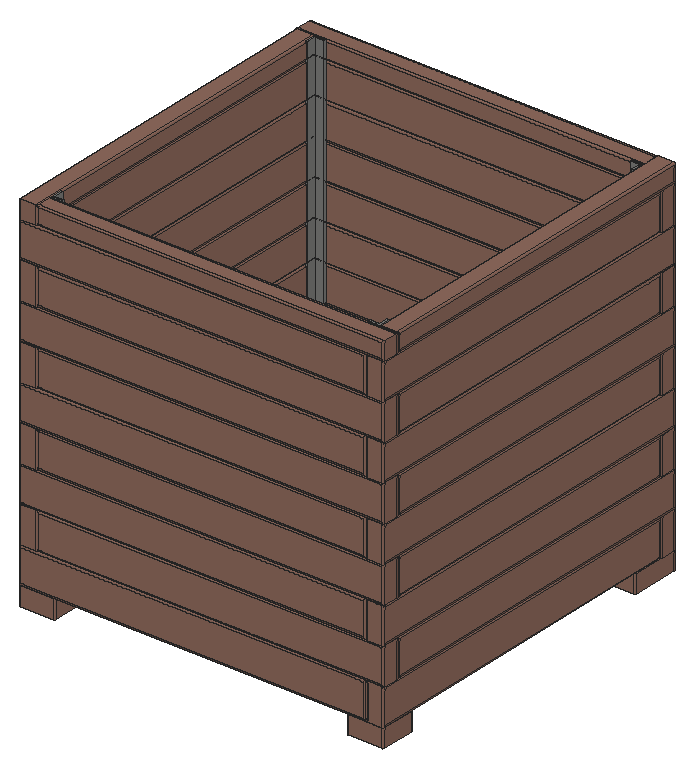
Revit family "Jardinera Madera", category Furniture, Revit 2020 (continued)
Definition of nested family "Jardinera Madera-UM1640-4-1000mm"
  Cuts and joins
    Extrusion 17, Extrusion 73 cuts Extrusion 28
    Extrusion 21, Extrusion 56, Extrusion 61, Extrusion 67, Extrusion 69 cuts Extrusion 20
    Extrusion 25, Extrusion 44, Extrusion 73, Extrusion 77, Extrusion 78 cuts Extrusion 24
    Extrusion 32 cuts Extrusion 29
    Extrusion 32, Extrusion 33, Extrusion 54 cuts Extrusion 31
    Extrusion 32, Extrusion 65 cuts Extrusion 41
    Extrusion 32 cuts Extrusion 42
    Extrusion 35, Extrusion 53 cuts Extrusion 34
    Extrusion 40, Extrusion 52, Extrusion 77, Extrusion 79, Extrusion 80 cuts Extrusion 39
    Extrusion 45, Extrusion 67 cuts Extrusion 2
    Extrusion 45 cuts Extrusion 4
    Extrusion 45, Extrusion 51 cuts Extrusion 6
    Extrusion 47, Extrusion 50, Extrusion 67, Extrusion 69 cuts Extrusion 7
    Extrusion 49, Extrusion 79 cuts Extrusion 3
    Extrusion 54 cuts Extrusion 1
    Extrusion 59, Extrusion 67, Extrusion 79 cuts Extrusion 58
    Extrusion 59, Extrusion 65, Extrusion 66, Extrusion 68, Extrusion 78 cuts Extrusion 64
    Extrusion 19, Extrusion 57, Extrusion 61 cuts Extrusion 18
    Extrusion 23, Extrusion 37, Extrusion 61 cuts Extrusion 22
    Extrusion 61, Extrusion 63, Extrusion 69, Extrusion 71 cuts Extrusion 60
    Extrusion 61, Extrusion 63, Extrusion 65, Extrusion 73, Extrusion 75 cuts Extrusion 62
    Extrusion 71, Extrusion 79 cuts Extrusion 70
    Extrusion 27, Extrusion 73 cuts Extrusion 26
    Extrusion 73, Extrusion 78 cuts Extrusion 72
    Extrusion 77, Extrusion 80 cuts Extrusion 76
    Extrusion 75 cuts Extrusion 74
  Dimensions and locks (m)
    plane 11 to level = 0.655 m
    plane 8 to plane 9 = 1.000 m
    plane 7 to plane 6 = 1.000 m
    aligned and locked: level to plane 2
Definition of nested family "Jardinera Madera-UM1640-5-600mm"
  Parameters
    Default Elevation = 0.000 m
  Reference planes (m)
    plane 1 "Center (Front/Back)": y = 0
    plane 2: z = 0
    plane 3 "Center (Left/Right)": x = 0
    plane 4: z = 0.05
    plane 5: z = 0.15
    plane 6: x = -0.3
    plane 7: x = 0.3
    plane 8: x = -0.3
    plane 9: x = 0.3
    plane 10: y = 0.3
    plane 11: y = -0.3
    plane 12: z = 0.45007
  Forms (m)
    Extrusion 1, solid
      sketch origin (0.599929, 0, 0) x (1, 0, 0) y (0, 0, 1)
        loop
          arc (-0.895, 0.15) -> (-0.898536, 0.148536) -> (-0.9, 0.145) r 0.005
          line (-0.9, 0.145) -> (-0.9, 0.055)
          arc (-0.9, 0.055) -> (-0.898536, 0.051464) -> (-0.895, 0.05) r 0.005
          line (-0.895, 0.05) -> (-0.855, 0.05)
          arc (-0.855, 0.05) -> (-0.851464, 0.051464) -> (-0.85, 0.055) r 0.005
          line (-0.85, 0.055) -> (-0.85, 0.145)
          arc (-0.85, 0.145) -> (-0.851464, 0.148536) -> (-0.855, 0.15) r 0.005
          line (-0.855, 0.15) -> (-0.895, 0.15)
      from -0.3 to 0.25
    Extrusion 2, solid
      sketch origin (-0.000071, -0.6, 0) x (0, -1, 0) y (0, 0, 1)
        loop
          arc (-0.895, 0.15) -> (-0.898536, 0.148536) -> (-0.9, 0.145) r 0.005
          line (-0.9, 0.145) -> (-0.9, 0.055)
          arc (-0.9, 0.055) -> (-0.898536, 0.051464) -> (-0.895, 0.05) r 0.005
          line (-0.895, 0.05) -> (-0.855, 0.05)
          arc (-0.855, 0.05) -> (-0.851464, 0.051464) -> (-0.85, 0.055) r 0.005
          line (-0.85, 0.055) -> (-0.85, 0.145)
          arc (-0.85, 0.145) -> (-0.851464, 0.148536) -> (-0.855, 0.15) r 0.005
          line (-0.855, 0.15) -> (-0.895, 0.15)
      from -0.300142 to 0.25
    Extrusion 3, void
      sketch origin (0.599929, 0, 0) x (1, 0, 0) y (0, 1, 0)
        loop
          arc (-0.85, 0.295) -> (-0.848536, 0.298536) -> (-0.845, 0.3) r 0.005
          line (-0.845, 0.3) -> (-0.85, 0.3) -> (-0.85, 0.295)
        loop
          line (-0.85, 0.255) -> (-0.85, 0.25) -> (-0.845, 0.25)
          arc (-0.845, 0.25) -> (-0.848536, 0.251464) -> (-0.85, 0.255) r 0.005
      from 0.05 to 0.15
    Extrusion 4, void
      sketch origin (-0.550071, -0.55, 0) x (0, -1, 0) y (1, 0, 0)
        loop
          arc (-0.85, 0.295) -> (-0.848536, 0.298536) -> (-0.845, 0.3) r 0.005
          line (-0.845, 0.3) -> (-0.85, 0.3) -> (-0.85, 0.295)
        loop
          line (-0.85, 0.255) -> (-0.85, 0.25) -> (-0.845, 0.25)
          arc (-0.845, 0.25) -> (-0.848536, 0.251464) -> (-0.85, 0.255) r 0.005
      from 0.05 to 0.15
    Extrusion 5, void
      sketch origin (-0.550071, 0.6, 0) x (0, 1, 0) y (-1, 0, 0)
        loop
          line (-0.85, -0.295) -> (-0.85, -0.3) -> (-0.845, -0.3)
          arc (-0.845, -0.3) -> (-0.848536, -0.298536) -> (-0.85, -0.295) r 0.005
        loop
          arc (-0.85, -0.255) -> (-0.848536, -0.251464) -> (-0.845, -0.25) r 0.005
          line (-0.845, -0.25) -> (-0.85, -0.25) -> (-0.85, -0.255)
      from 0.05 to 0.15
    Extrusion 6, solid
      sketch origin (1.199929, 0.6, 0) x (0, 1, 0) y (0, 0, 1)
        loop
          arc (-0.895, 0.15) -> (-0.898536, 0.148536) -> (-0.9, 0.145) r 0.005
          line (-0.9, 0.145) -> (-0.9, 0.055)
          arc (-0.9, 0.055) -> (-0.898536, 0.051464) -> (-0.895, 0.05) r 0.005
          line (-0.895, 0.05) -> (-0.855, 0.05)
          arc (-0.855, 0.05) -> (-0.851464, 0.051464) -> (-0.85, 0.055) r 0.005
          line (-0.85, 0.055) -> (-0.85, 0.145)
          arc (-0.85, 0.145) -> (-0.851464, 0.148536) -> (-0.855, 0.15) r 0.005
          line (-0.855, 0.15) -> (-0.895, 0.15)
      from -1.5 to -0.949858
    Extrusion 7, void
      sketch origin (0.549929, 0, 0) x (1, 0, 0) y (0, 1, 0)
        loop
          line (-0.85, -0.295) -> (-0.85, -0.3) -> (-0.845, -0.3)
          arc (-0.845, -0.3) -> (-0.848536, -0.298536) -> (-0.85, -0.295) r 0.005
        loop
          arc (-0.85, -0.255) -> (-0.848536, -0.251464) -> (-0.845, -0.25) r 0.005
          line (-0.845, -0.25) -> (-0.85, -0.25) -> (-0.85, -0.255)
      from 0.05 to 0.15
    Extrusion 8, solid
      sketch origin (1.249858, 0.6, 0.10007) x (0, 1, 0) y (0, 0, 1)
        loop
          arc (-0.895, 0.15) -> (-0.898536, 0.148536) -> (-0.9, 0.145) r 0.005
          line (-0.9, 0.145) -> (-0.9, 0.055)
          arc (-0.9, 0.055) -> (-0.898536, 0.051464) -> (-0.895, 0.05) r 0.005
          line (-0.895, 0.05) -> (-0.855, 0.05)
          arc (-0.855, 0.05) -> (-0.851464, 0.051464) -> (-0.85, 0.055) r 0.005
          line (-0.85, 0.055) -> (-0.85, 0.145)
          arc (-0.85, 0.145) -> (-0.851464, 0.148536) -> (-0.855, 0.15) r 0.005
          line (-0.855, 0.15) -> (-0.895, 0.15)
      from -1.5 to -0.949786
    Extrusion 9, void
      sketch origin (0.599858, 0, 0.10007) x (1, 0, 0) y (0, 1, 0)
        loop
          line (-0.85, -0.295) -> (-0.85, -0.3) -> (-0.845, -0.3)
          arc (-0.845, -0.3) -> (-0.848536, -0.298536) -> (-0.85, -0.295) r 0.005
        loop
          arc (-0.85, -0.255) -> (-0.848536, -0.251464) -> (-0.845, -0.25) r 0.005
          line (-0.845, -0.25) -> (-0.85, -0.25) -> (-0.85, -0.255)
      from 0.05 to 0.15
    Extrusion 10, solid
      sketch origin (0.599929, -0.049929, 0.10007) x (1, 0, 0) y (0, 0, 1)
        loop
          arc (-0.895, 0.15) -> (-0.898536, 0.148536) -> (-0.9, 0.145) r 0.005
          line (-0.9, 0.145) -> (-0.9, 0.055)
          arc (-0.9, 0.055) -> (-0.898536, 0.051464) -> (-0.895, 0.05) r 0.005
          line (-0.895, 0.05) -> (-0.855, 0.05)
          arc (-0.855, 0.05) -> (-0.851464, 0.051464) -> (-0.85, 0.055) r 0.005
          line (-0.85, 0.055) -> (-0.85, 0.145)
          arc (-0.85, 0.145) -> (-0.851464, 0.148536) -> (-0.855, 0.15) r 0.005
          line (-0.855, 0.15) -> (-0.895, 0.15)
      from -0.3 to 0.25
    Extrusion 11, void
      sketch origin (-0.550071, -0.599929, 0.10007) x (0, -1, 0) y (1, 0, 0)
        loop
          arc (-0.85, 0.295) -> (-0.848536, 0.298536) -> (-0.845, 0.3) r 0.005
          line (-0.845, 0.3) -> (-0.85, 0.3) -> (-0.85, 0.295)
        loop
          line (-0.85, 0.255) -> (-0.85, 0.25) -> (-0.845, 0.25)
          arc (-0.845, 0.25) -> (-0.848536, 0.251464) -> (-0.85, 0.255) r 0.005
      from 0.05 to 0.15
    Extrusion 12, void
      sketch origin (-0.550071, 0.550071, 0.10007) x (0, 1, 0) y (-1, 0, 0)
        loop
          line (-0.85, -0.295) -> (-0.85, -0.3) -> (-0.845, -0.3)
          arc (-0.845, -0.3) -> (-0.848536, -0.298536) -> (-0.85, -0.295) r 0.005
        loop
          arc (-0.85, -0.255) -> (-0.848536, -0.251464) -> (-0.845, -0.25) r 0.005
          line (-0.845, -0.25) -> (-0.85, -0.25) -> (-0.85, -0.255)
      from 0.05 to 0.15
    Extrusion 13, solid
      sketch origin (-0.05, -0.6, 0.10007) x (0, -1, 0) y (0, 0, 1)
        loop
          arc (-0.895, 0.15) -> (-0.898536, 0.148536) -> (-0.9, 0.145) r 0.005
          line (-0.9, 0.145) -> (-0.9, 0.055)
          arc (-0.9, 0.055) -> (-0.898536, 0.051464) -> (-0.895, 0.05) r 0.005
          line (-0.895, 0.05) -> (-0.855, 0.05)
          arc (-0.855, 0.05) -> (-0.851464, 0.051464) -> (-0.85, 0.055) r 0.005
          line (-0.85, 0.055) -> (-0.85, 0.145)
          arc (-0.85, 0.145) -> (-0.851464, 0.148536) -> (-0.855, 0.15) r 0.005
          line (-0.855, 0.15) -> (-0.895, 0.15)
      from -0.300071 to 0.25
    Extrusion 14, void
      sketch origin (0.55, 0, 0.10007) x (1, 0, 0) y (0, 1, 0)
        loop
          arc (-0.85, 0.295) -> (-0.848536, 0.298536) -> (-0.845, 0.3) r 0.005
          line (-0.845, 0.3) -> (-0.85, 0.3) -> (-0.85, 0.295)
        loop
          line (-0.85, 0.255) -> (-0.85, 0.25) -> (-0.845, 0.25)
          arc (-0.845, 0.25) -> (-0.848536, 0.251464) -> (-0.85, 0.255) r 0.005
      from 0.05 to 0.15
    Extrusion 15, solid
      sketch origin (0.599929, 0, 0.2) x (1, 0, 0) y (0, 0, 1)
        loop
          arc (-0.895, 0.15) -> (-0.898536, 0.148536) -> (-0.9, 0.145) r 0.005
          line (-0.9, 0.145) -> (-0.9, 0.055)
          arc (-0.9, 0.055) -> (-0.898536, 0.051464) -> (-0.895, 0.05) r 0.005
          line (-0.895, 0.05) -> (-0.855, 0.05)
          arc (-0.855, 0.05) -> (-0.851464, 0.051464) -> (-0.85, 0.055) r 0.005
          line (-0.85, 0.055) -> (-0.85, 0.145)
          arc (-0.85, 0.145) -> (-0.851464, 0.148536) -> (-0.855, 0.15) r 0.005
          line (-0.855, 0.15) -> (-0.895, 0.15)
      from -0.3 to 0.25
    Extrusion 16, solid
      sketch origin (-0.000071, -0.6, 0.2) x (0, -1, 0) y (0, 0, 1)
        loop
          arc (-0.895, 0.15) -> (-0.898536, 0.148536) -> (-0.9, 0.145) r 0.005
          line (-0.9, 0.145) -> (-0.9, 0.055)
          arc (-0.9, 0.055) -> (-0.898536, 0.051464) -> (-0.895, 0.05) r 0.005
          line (-0.895, 0.05) -> (-0.855, 0.05)
          arc (-0.855, 0.05) -> (-0.851464, 0.051464) -> (-0.85, 0.055) r 0.005
          line (-0.85, 0.055) -> (-0.85, 0.145)
          arc (-0.85, 0.145) -> (-0.851464, 0.148536) -> (-0.855, 0.15) r 0.005
          line (-0.855, 0.15) -> (-0.895, 0.15)
      from -0.300142 to 0.25
    Extrusion 17, void
      sketch origin (0.599929, 0, 0.2) x (1, 0, 0) y (0, 1, 0)
        loop
          arc (-0.85, 0.295) -> (-0.848536, 0.298536) -> (-0.845, 0.3) r 0.005
          line (-0.845, 0.3) -> (-0.85, 0.3) -> (-0.85, 0.295)
        loop
          line (-0.85, 0.255) -> (-0.85, 0.25) -> (-0.845, 0.25)
          arc (-0.845, 0.25) -> (-0.848536, 0.251464) -> (-0.85, 0.255) r 0.005
      from 0.05 to 0.15
    Extrusion 18, void
      sketch origin (-0.550071, -0.55, 0.2) x (0, -1, 0) y (1, 0, 0)
        loop
          arc (-0.85, 0.295) -> (-0.848536, 0.298536) -> (-0.845, 0.3) r 0.005
          line (-0.845, 0.3) -> (-0.85, 0.3) -> (-0.85, 0.295)
        loop
          line (-0.85, 0.255) -> (-0.85, 0.25) -> (-0.845, 0.25)
          arc (-0.845, 0.25) -> (-0.848536, 0.251464) -> (-0.85, 0.255) r 0.005
      from 0.05 to 0.15
    Extrusion 19, void
      sketch origin (-0.550071, 0.6, 0.2) x (0, 1, 0) y (-1, 0, 0)
        loop
          line (-0.85, -0.295) -> (-0.85, -0.3) -> (-0.845, -0.3)
          arc (-0.845, -0.3) -> (-0.848536, -0.298536) -> (-0.85, -0.295) r 0.005
        loop
          arc (-0.85, -0.255) -> (-0.848536, -0.251464) -> (-0.845, -0.25) r 0.005
          line (-0.845, -0.25) -> (-0.85, -0.25) -> (-0.85, -0.255)
      from 0.05 to 0.15
    Extrusion 20, solid
      sketch origin (1.199929, 0.6, 0.2) x (0, 1, 0) y (0, 0, 1)
        loop
          arc (-0.895, 0.15) -> (-0.898536, 0.148536) -> (-0.9, 0.145) r 0.005
          line (-0.9, 0.145) -> (-0.9, 0.055)
          arc (-0.9, 0.055) -> (-0.898536, 0.051464) -> (-0.895, 0.05) r 0.005
          line (-0.895, 0.05) -> (-0.855, 0.05)
          arc (-0.855, 0.05) -> (-0.851464, 0.051464) -> (-0.85, 0.055) r 0.005
          line (-0.85, 0.055) -> (-0.85, 0.145)
          arc (-0.85, 0.145) -> (-0.851464, 0.148536) -> (-0.855, 0.15) r 0.005
          line (-0.855, 0.15) -> (-0.895, 0.15)
      from -1.5 to -0.949858
    Extrusion 21, void
      sketch origin (0.549929, 0, 0.2) x (1, 0, 0) y (0, 1, 0)
        loop
          line (-0.85, -0.295) -> (-0.85, -0.3) -> (-0.845, -0.3)
          arc (-0.845, -0.3) -> (-0.848536, -0.298536) -> (-0.85, -0.295) r 0.005
        loop
          arc (-0.85, -0.255) -> (-0.848536, -0.251464) -> (-0.845, -0.25) r 0.005
          line (-0.845, -0.25) -> (-0.85, -0.25) -> (-0.85, -0.255)
      from 0.05 to 0.15
    Extrusion 22, solid
      sketch origin (1.249858, 0.6, 0.30007) x (0, 1, 0) y (0, 0, 1)
        loop
          arc (-0.895, 0.15) -> (-0.898536, 0.148536) -> (-0.9, 0.145) r 0.005
          line (-0.9, 0.145) -> (-0.9, 0.055)
          arc (-0.9, 0.055) -> (-0.898536, 0.051464) -> (-0.895, 0.05) r 0.005
          line (-0.895, 0.05) -> (-0.855, 0.05)
          arc (-0.855, 0.05) -> (-0.851464, 0.051464) -> (-0.85, 0.055) r 0.005
          line (-0.85, 0.055) -> (-0.85, 0.145)
          arc (-0.85, 0.145) -> (-0.851464, 0.148536) -> (-0.855, 0.15) r 0.005
          line (-0.855, 0.15) -> (-0.895, 0.15)
      from -1.5 to -0.949786
    Extrusion 23, void
      sketch origin (0.599858, 0, 0.30007) x (1, 0, 0) y (0, 1, 0)
        loop
          line (-0.85, -0.295) -> (-0.85, -0.3) -> (-0.845, -0.3)
          arc (-0.845, -0.3) -> (-0.848536, -0.298536) -> (-0.85, -0.295) r 0.005
        loop
          arc (-0.85, -0.255) -> (-0.848536, -0.251464) -> (-0.845, -0.25) r 0.005
          line (-0.845, -0.25) -> (-0.85, -0.25) -> (-0.85, -0.255)
      from 0.05 to 0.15
    Extrusion 24, solid
      sketch origin (0.599929, -0.049929, 0.30007) x (1, 0, 0) y (0, 0, 1)
        loop
          arc (-0.895, 0.15) -> (-0.898536, 0.148536) -> (-0.9, 0.145) r 0.005
          line (-0.9, 0.145) -> (-0.9, 0.055)
          arc (-0.9, 0.055) -> (-0.898536, 0.051464) -> (-0.895, 0.05) r 0.005
          line (-0.895, 0.05) -> (-0.855, 0.05)
          arc (-0.855, 0.05) -> (-0.851464, 0.051464) -> (-0.85, 0.055) r 0.005
          line (-0.85, 0.055) -> (-0.85, 0.145)
          arc (-0.85, 0.145) -> (-0.851464, 0.148536) -> (-0.855, 0.15) r 0.005
          line (-0.855, 0.15) -> (-0.895, 0.15)
      from -0.3 to 0.25
    Extrusion 25, void
      sketch origin (-0.550071, -0.599929, 0.30007) x (0, -1, 0) y (1, 0, 0)
        loop
          arc (-0.85, 0.295) -> (-0.848536, 0.298536) -> (-0.845, 0.3) r 0.005
          line (-0.845, 0.3) -> (-0.85, 0.3) -> (-0.85, 0.295)
        loop
          line (-0.85, 0.255) -> (-0.85, 0.25) -> (-0.845, 0.25)
          arc (-0.845, 0.25) -> (-0.848536, 0.251464) -> (-0.85, 0.255) r 0.005
      from 0.05 to 0.15
    Extrusion 26, void
      sketch origin (-0.550071, 0.550071, 0.30007) x (0, 1, 0) y (-1, 0, 0)
        loop
          line (-0.85, -0.295) -> (-0.85, -0.3) -> (-0.845, -0.3)
          arc (-0.845, -0.3) -> (-0.848536, -0.298536) -> (-0.85, -0.295) r 0.005
        loop
          arc (-0.85, -0.255) -> (-0.848536, -0.251464) -> (-0.845, -0.25) r 0.005
          line (-0.845, -0.25) -> (-0.85, -0.25) -> (-0.85, -0.255)
      from 0.05 to 0.15
    Extrusion 27, solid
      sketch origin (-0.05, -0.6, 0.30007) x (0, -1, 0) y (0, 0, 1)
        loop
          arc (-0.895, 0.15) -> (-0.898536, 0.148536) -> (-0.9, 0.145) r 0.005
          line (-0.9, 0.145) -> (-0.9, 0.055)
          arc (-0.9, 0.055) -> (-0.898536, 0.051464) -> (-0.895, 0.05) r 0.005
          line (-0.895, 0.05) -> (-0.855, 0.05)
          arc (-0.855, 0.05) -> (-0.851464, 0.051464) -> (-0.85, 0.055) r 0.005
          line (-0.85, 0.055) -> (-0.85, 0.145)
          arc (-0.85, 0.145) -> (-0.851464, 0.148536) -> (-0.855, 0.15) r 0.005
          line (-0.855, 0.15) -> (-0.895, 0.15)
      from -0.300071 to 0.25
    Extrusion 28, void
      sketch origin (0.55, 0, 0.30007) x (1, 0, 0) y (0, 1, 0)
        loop
          arc (-0.85, 0.295) -> (-0.848536, 0.298536) -> (-0.845, 0.3) r 0.005
          line (-0.845, 0.3) -> (-0.85, 0.3) -> (-0.85, 0.295)
        loop
          line (-0.85, 0.255) -> (-0.85, 0.25) -> (-0.845, 0.25)
          arc (-0.845, 0.25) -> (-0.848536, 0.251464) -> (-0.85, 0.255) r 0.005
      from 0.05 to 0.15
    Extrusion 29, solid
      sketch origin (0.599929, 0, 0) x (1, 0, 0) y (0, 1, 0)
        loop
          line (-0.849929, 0.25) -> (-0.849929, 0.22) -> (-0.844929, 0.22) -> (-0.844929, 0.245) -> (-0.819929, 0.245) -> (-0.819929, 0.25) -> (-0.849929, 0.25)
      from 0.05 to 0.45007
    Extrusion 30, solid
      sketch origin (0.599929, 0, 0) x (1, 0, 0) y (0, 1, 0)
        loop
          line (-0.849929, -0.25) -> (-0.819929, -0.25) -> (-0.819929, -0.245) -> (-0.844929, -0.245) -> (-0.844929, -0.22) -> (-0.849929, -0.22) -> (-0.849929, -0.25)
      from 0.05 to 0.45007
    Extrusion 31, solid
      sketch origin (0.599929, 0, 0) x (1, 0, 0) y (0, 1, 0)
        loop
          line (-0.849929, 0.25) -> (-0.849929, 0.083333) -> (-0.349858, 0.083333) -> (-0.349858, 0.25) -> (-0.849929, 0.25)
      from 0.05 to 0.1
    Extrusion 32, solid
      sketch origin (0.599929, 0, 0) x (1, 0, 0) y (0, 1, 0)
        loop
          line (-0.849929, -0.25) -> (-0.349858, -0.25) -> (-0.349858, -0.083333) -> (-0.849929, -0.083333) -> (-0.849929, -0.25)
      from 0.05 to 0.1
    Extrusion 33, solid
      sketch origin (0.599929, 0.166667, 0) x (1, 0, 0) y (0, 1, 0)
        loop
          line (-0.849929, -0.25) -> (-0.349858, -0.25) -> (-0.349858, -0.083333) -> (-0.849929, -0.083333) -> (-0.849929, -0.25)
      from 0.05 to 0.1
    Extrusion 34, solid
      sketch origin (0.599929, 0, 0) x (1, 0, 0) y (0, 1, 0)
        loop
          line (-0.804929, 0.3) -> (-0.894929, 0.3)
          arc (-0.894929, 0.3) -> (-0.898464, 0.298536) -> (-0.899929, 0.295) r 0.005
          line (-0.899929, 0.295) -> (-0.899929, 0.205)
          arc (-0.899929, 0.205) -> (-0.898464, 0.201464) -> (-0.894929, 0.2) r 0.005
          line (-0.894929, 0.2) -> (-0.804929, 0.2)
          arc (-0.804929, 0.2) -> (-0.801393, 0.201464) -> (-0.799929, 0.205) r 0.005
          line (-0.799929, 0.205) -> (-0.799929, 0.295)
          arc (-0.799929, 0.295) -> (-0.801393, 0.298536) -> (-0.804929, 0.3) r 0.005
      from 0 to 0.05
    Extrusion 35, solid
      sketch origin (0.599929, 0, 0) x (1, 0, 0) y (0, 1, 0)
        loop
          arc (-0.804929, -0.3) -> (-0.801393, -0.298536) -> (-0.799929, -0.295) r 0.005
          line (-0.799929, -0.295) -> (-0.799929, -0.205)
          arc (-0.799929, -0.205) -> (-0.801393, -0.201464) -> (-0.804929, -0.2) r 0.005
          line (-0.804929, -0.2) -> (-0.894929, -0.2)
          arc (-0.894929, -0.2) -> (-0.898464, -0.201464) -> (-0.899929, -0.205) r 0.005
          line (-0.899929, -0.205) -> (-0.899929, -0.295)
          arc (-0.899929, -0.295) -> (-0.898464, -0.298536) -> (-0.894929, -0.3) r 0.005
          line (-0.894929, -0.3) -> (-0.804929, -0.3)
      from 0 to 0.05
    Extrusion 36, void
      sketch origin (-0.549929, 0, 0) x (-1, 0, 0) y (0, -1, 0)
        loop
          line (-0.85, -0.295) -> (-0.85, -0.3) -> (-0.845, -0.3)
          arc (-0.845, -0.3) -> (-0.848536, -0.298536) -> (-0.85, -0.295) r 0.005
        loop
          arc (-0.85, -0.255) -> (-0.848536, -0.251464) -> (-0.845, -0.25) r 0.005
          line (-0.845, -0.25) -> (-0.85, -0.25) -> (-0.85, -0.255)
      from 0.05 to 0.15
    Extrusion 37, solid
      sketch origin (-0.599929, 0, 0) x (-1, 0, 0) y (0, 0, 1)
        loop
          arc (-0.895, 0.15) -> (-0.898536, 0.148536) -> (-0.9, 0.145) r 0.005
          line (-0.9, 0.145) -> (-0.9, 0.055)
          arc (-0.9, 0.055) -> (-0.898536, 0.051464) -> (-0.895, 0.05) r 0.005
          line (-0.895, 0.05) -> (-0.855, 0.05)
          arc (-0.855, 0.05) -> (-0.851464, 0.051464) -> (-0.85, 0.055) r 0.005
          line (-0.85, 0.055) -> (-0.85, 0.145)
          arc (-0.85, 0.145) -> (-0.851464, 0.148536) -> (-0.855, 0.15) r 0.005
          line (-0.855, 0.15) -> (-0.895, 0.15)
      from -0.3 to 0.25
    Extrusion 38, void
      sketch origin (-0.599929, 0, 0) x (-1, 0, 0) y (0, -1, 0)
        loop
          arc (-0.85, 0.295) -> (-0.848536, 0.298536) -> (-0.845, 0.3) r 0.005
          line (-0.845, 0.3) -> (-0.85, 0.3) -> (-0.85, 0.295)
        loop
          line (-0.85, 0.255) -> (-0.85, 0.25) -> (-0.845, 0.25)
          arc (-0.845, 0.25) -> (-0.848536, 0.251464) -> (-0.85, 0.255) r 0.005
      from 0.05 to 0.15
    Extrusion 39, void
      sketch origin (0.550071, 0.55, 0) x (0, 1, 0) y (-1, 0, 0)
        loop
          arc (-0.85, 0.295) -> (-0.848536, 0.298536) -> (-0.845, 0.3) r 0.005
          line (-0.845, 0.3) -> (-0.85, 0.3) -> (-0.85, 0.295)
        loop
          line (-0.85, 0.255) -> (-0.85, 0.25) -> (-0.845, 0.25)
          arc (-0.845, 0.25) -> (-0.848536, 0.251464) -> (-0.85, 0.255) r 0.005
      from 0.05 to 0.15
    Extrusion 40, void
      sketch origin (0.550071, -0.6, 0) x (0, -1, 0) y (1, 0, 0)
        loop
          line (-0.85, -0.295) -> (-0.85, -0.3) -> (-0.845, -0.3)
          arc (-0.845, -0.3) -> (-0.848536, -0.298536) -> (-0.85, -0.295) r 0.005
        loop
          arc (-0.85, -0.255) -> (-0.848536, -0.251464) -> (-0.845, -0.25) r 0.005
          line (-0.845, -0.25) -> (-0.85, -0.25) -> (-0.85, -0.255)
      from 0.05 to 0.15
    Extrusion 41, solid
      sketch origin (-0.599929, 0.05, 0.1) x (-1, 0, 0) y (0, 0, 1)
        loop
          arc (-0.895, 0.15) -> (-0.898536, 0.148536) -> (-0.9, 0.145) r 0.005
          line (-0.9, 0.145) -> (-0.9, 0.055)
          arc (-0.9, 0.055) -> (-0.898536, 0.051464) -> (-0.895, 0.05) r 0.005
          line (-0.895, 0.05) -> (-0.855, 0.05)
          arc (-0.855, 0.05) -> (-0.851464, 0.051464) -> (-0.85, 0.055) r 0.005
          line (-0.85, 0.055) -> (-0.85, 0.145)
          arc (-0.85, 0.145) -> (-0.851464, 0.148536) -> (-0.855, 0.15) r 0.005
          line (-0.855, 0.15) -> (-0.895, 0.15)
      from -0.3 to 0.25
    Extrusion 42, void
      sketch origin (0.550071, 0.6, 0.1) x (0, 1, 0) y (-1, 0, 0)
        loop
          arc (-0.85, 0.295) -> (-0.848536, 0.298536) -> (-0.845, 0.3) r 0.005
          line (-0.845, 0.3) -> (-0.85, 0.3) -> (-0.85, 0.295)
        loop
          line (-0.85, 0.255) -> (-0.85, 0.25) -> (-0.845, 0.25)
          arc (-0.845, 0.25) -> (-0.848536, 0.251464) -> (-0.85, 0.255) r 0.005
      from 0.05 to 0.15
    Extrusion 43, void
      sketch origin (0.550071, -0.55, 0.1) x (0, -1, 0) y (1, 0, 0)
        loop
          line (-0.85, -0.295) -> (-0.85, -0.3) -> (-0.845, -0.3)
          arc (-0.845, -0.3) -> (-0.848536, -0.298536) -> (-0.85, -0.295) r 0.005
        loop
          arc (-0.85, -0.255) -> (-0.848536, -0.251464) -> (-0.845, -0.25) r 0.005
          line (-0.845, -0.25) -> (-0.85, -0.25) -> (-0.85, -0.255)
      from 0.05 to 0.15
    Extrusion 44, void
      sketch origin (-0.549929, 0, 0.2) x (-1, 0, 0) y (0, -1, 0)
        loop
          line (-0.85, -0.295) -> (-0.85, -0.3) -> (-0.845, -0.3)
          arc (-0.845, -0.3) -> (-0.848536, -0.298536) -> (-0.85, -0.295) r 0.005
        loop
          arc (-0.85, -0.255) -> (-0.848536, -0.251464) -> (-0.845, -0.25) r 0.005
          line (-0.845, -0.25) -> (-0.85, -0.25) -> (-0.85, -0.255)
      from 0.05 to 0.15
    Extrusion 45, solid
      sketch origin (-0.599929, 0, 0.2) x (-1, 0, 0) y (0, 0, 1)
        loop
          arc (-0.895, 0.15) -> (-0.898536, 0.148536) -> (-0.9, 0.145) r 0.005
          line (-0.9, 0.145) -> (-0.9, 0.055)
          arc (-0.9, 0.055) -> (-0.898536, 0.051464) -> (-0.895, 0.05) r 0.005
          line (-0.895, 0.05) -> (-0.855, 0.05)
          arc (-0.855, 0.05) -> (-0.851464, 0.051464) -> (-0.85, 0.055) r 0.005
          line (-0.85, 0.055) -> (-0.85, 0.145)
          arc (-0.85, 0.145) -> (-0.851464, 0.148536) -> (-0.855, 0.15) r 0.005
          line (-0.855, 0.15) -> (-0.895, 0.15)
      from -0.3 to 0.25
    Extrusion 46, void
      sketch origin (-0.599929, 0, 0.2) x (-1, 0, 0) y (0, -1, 0)
        loop
          arc (-0.85, 0.295) -> (-0.848536, 0.298536) -> (-0.845, 0.3) r 0.005
          line (-0.845, 0.3) -> (-0.85, 0.3) -> (-0.85, 0.295)
        loop
          line (-0.85, 0.255) -> (-0.85, 0.25) -> (-0.845, 0.25)
          arc (-0.845, 0.25) -> (-0.848536, 0.251464) -> (-0.85, 0.255) r 0.005
      from 0.05 to 0.15
    Extrusion 47, void
      sketch origin (0.550071, 0.55, 0.2) x (0, 1, 0) y (-1, 0, 0)
        loop
          arc (-0.85, 0.295) -> (-0.848536, 0.298536) -> (-0.845, 0.3) r 0.005
          line (-0.845, 0.3) -> (-0.85, 0.3) -> (-0.85, 0.295)
        loop
          line (-0.85, 0.255) -> (-0.85, 0.25) -> (-0.845, 0.25)
          arc (-0.845, 0.25) -> (-0.848536, 0.251464) -> (-0.85, 0.255) r 0.005
      from 0.05 to 0.15
    Extrusion 48, void
      sketch origin (0.550071, -0.6, 0.2) x (0, -1, 0) y (1, 0, 0)
        loop
          line (-0.85, -0.295) -> (-0.85, -0.3) -> (-0.845, -0.3)
          arc (-0.845, -0.3) -> (-0.848536, -0.298536) -> (-0.85, -0.295) r 0.005
        loop
          arc (-0.85, -0.255) -> (-0.848536, -0.251464) -> (-0.845, -0.25) r 0.005
          line (-0.845, -0.25) -> (-0.85, -0.25) -> (-0.85, -0.255)
      from 0.05 to 0.15
    Extrusion 49, solid
      sketch origin (-0.599929, 0.05, 0.3) x (-1, 0, 0) y (0, 0, 1)
        loop
          arc (-0.895, 0.15) -> (-0.898536, 0.148536) -> (-0.9, 0.145) r 0.005
          line (-0.9, 0.145) -> (-0.9, 0.055)
          arc (-0.9, 0.055) -> (-0.898536, 0.051464) -> (-0.895, 0.05) r 0.005
          line (-0.895, 0.05) -> (-0.855, 0.05)
          arc (-0.855, 0.05) -> (-0.851464, 0.051464) -> (-0.85, 0.055) r 0.005
          line (-0.85, 0.055) -> (-0.85, 0.145)
          arc (-0.85, 0.145) -> (-0.851464, 0.148536) -> (-0.855, 0.15) r 0.005
          line (-0.855, 0.15) -> (-0.895, 0.15)
      from -0.3 to 0.25
    Extrusion 50, void
      sketch origin (0.550071, 0.6, 0.3) x (0, 1, 0) y (-1, 0, 0)
        loop
          arc (-0.85, 0.295) -> (-0.848536, 0.298536) -> (-0.845, 0.3) r 0.005
          line (-0.845, 0.3) -> (-0.85, 0.3) -> (-0.85, 0.295)
        loop
          line (-0.85, 0.255) -> (-0.85, 0.25) -> (-0.845, 0.25)
          arc (-0.845, 0.25) -> (-0.848536, 0.251464) -> (-0.85, 0.255) r 0.005
      from 0.05 to 0.15
    Extrusion 51, void
      sketch origin (0.550071, -0.55, 0.3) x (0, -1, 0) y (1, 0, 0)
        loop
          line (-0.85, -0.295) -> (-0.85, -0.3) -> (-0.845, -0.3)
          arc (-0.845, -0.3) -> (-0.848536, -0.298536) -> (-0.85, -0.295) r 0.005
        loop
          arc (-0.85, -0.255) -> (-0.848536, -0.251464) -> (-0.845, -0.25) r 0.005
          line (-0.845, -0.25) -> (-0.85, -0.25) -> (-0.85, -0.255)
      from 0.05 to 0.15
    Extrusion 52, solid
      sketch origin (-0.599929, 0, 0) x (-1, 0, 0) y (0, -1, 0)
        loop
          line (-0.849929, -0.25) -> (-0.819929, -0.25) -> (-0.819929, -0.245) -> (-0.844929, -0.245) -> (-0.844929, -0.22) -> (-0.849929, -0.22) -> (-0.849929, -0.25)
      from 0.05 to 0.45007
    Extrusion 53, solid
      sketch origin (-0.599929, 0, 0) x (-1, 0, 0) y (0, -1, 0)
        loop
          line (-0.849929, 0.25) -> (-0.849929, 0.22) -> (-0.844929, 0.22) -> (-0.844929, 0.245) -> (-0.819929, 0.245) -> (-0.819929, 0.25) -> (-0.849929, 0.25)
      from 0.05 to 0.45007
    Extrusion 54, solid
      sketch origin (-0.599929, 0, 0) x (-1, 0, 0) y (0, -1, 0)
        loop
          arc (-0.804929, -0.3) -> (-0.801393, -0.298536) -> (-0.799929, -0.295) r 0.005
          line (-0.799929, -0.295) -> (-0.799929, -0.205)
          arc (-0.799929, -0.205) -> (-0.801393, -0.201464) -> (-0.804929, -0.2) r 0.005
          line (-0.804929, -0.2) -> (-0.894929, -0.2)
          arc (-0.894929, -0.2) -> (-0.898464, -0.201464) -> (-0.899929, -0.205) r 0.005
          line (-0.899929, -0.205) -> (-0.899929, -0.295)
          arc (-0.899929, -0.295) -> (-0.898464, -0.298536) -> (-0.894929, -0.3) r 0.005
          line (-0.894929, -0.3) -> (-0.804929, -0.3)
      from 0 to 0.05
    Extrusion 55, solid
      sketch origin (-0.599929, 0, 0) x (-1, 0, 0) y (0, -1, 0)
        loop
          line (-0.804929, 0.3) -> (-0.894929, 0.3)
          arc (-0.894929, 0.3) -> (-0.898464, 0.298536) -> (-0.899929, 0.295) r 0.005
          line (-0.899929, 0.295) -> (-0.899929, 0.205)
          arc (-0.899929, 0.205) -> (-0.898464, 0.201464) -> (-0.894929, 0.2) r 0.005
          line (-0.894929, 0.2) -> (-0.804929, 0.2)
          arc (-0.804929, 0.2) -> (-0.801393, 0.201464) -> (-0.799929, 0.205) r 0.005
          line (-0.799929, 0.205) -> (-0.799929, 0.295)
          arc (-0.799929, 0.295) -> (-0.801393, 0.298536) -> (-0.804929, 0.3) r 0.005
      from 0 to 0.05
    Extrusion 56, void
      sketch origin (-0.549929, 0, 0.10007) x (-1, 0, 0) y (0, -1, 0)
        loop
          arc (-0.85, 0.295) -> (-0.848536, 0.298536) -> (-0.845, 0.3) r 0.005
          line (-0.845, 0.3) -> (-0.85, 0.3) -> (-0.85, 0.295)
        loop
          line (-0.85, 0.255) -> (-0.85, 0.25) -> (-0.845, 0.25)
          arc (-0.845, 0.25) -> (-0.848536, 0.251464) -> (-0.85, 0.255) r 0.005
      from 0.05 to 0.15
    Extrusion 57, void
      sketch origin (-0.549929, 0, 0.30007) x (-1, 0, 0) y (0, -1, 0)
        loop
          arc (-0.85, 0.295) -> (-0.848536, 0.298536) -> (-0.845, 0.3) r 0.005
          line (-0.845, 0.3) -> (-0.85, 0.3) -> (-0.85, 0.295)
        loop
          line (-0.85, 0.255) -> (-0.85, 0.25) -> (-0.845, 0.25)
          arc (-0.845, 0.25) -> (-0.848536, 0.251464) -> (-0.85, 0.255) r 0.005
      from 0.05 to 0.15
  Cuts and joins
    Extrusion 3, Extrusion 4, Extrusion 5 cuts Extrusion 1
    Extrusion 3, Extrusion 36, Extrusion 40 cuts Extrusion 2
    Extrusion 3 cuts Extrusion 29
    Extrusion 3, Extrusion 40 cuts Extrusion 31
    Extrusion 3 cuts Extrusion 34
    Extrusion 5, Extrusion 7, Extrusion 38, Extrusion 39 cuts Extrusion 6
    Extrusion 9 cuts Extrusion 30
    Extrusion 36, Extrusion 39, Extrusion 40 cuts Extrusion 37
    Extrusion 38 cuts Extrusion 32
    Extrusion 38 cuts Extrusion 53
    Extrusion 38 cuts Extrusion 55
    Extrusion 44, Extrusion 47, Extrusion 48 cuts Extrusion 45
    Extrusion 21, Extrusion 46 cuts Extrusion 20
    Extrusion 25, Extrusion 26 cuts Extrusion 24
    Extrusion 23, Extrusion 57 cuts Extrusion 22
    Extrusion 18, Extrusion 19 cuts Extrusion 15
    Extrusion 11, Extrusion 12 cuts Extrusion 10
    Extrusion 9, Extrusion 56 cuts Extrusion 8
    Extrusion 42, Extrusion 43 cuts Extrusion 41
    Extrusion 50, Extrusion 51 cuts Extrusion 49
    Extrusion 17, Extrusion 44 cuts Extrusion 16
    Extrusion 14 cuts Extrusion 13
    Extrusion 28 cuts Extrusion 27
  Dimensions and locks (m)
    cut or joined group of Extrusion 22, Extrusion 23, Extrusion 57 to level = 0.45007 m
    plane 10 to plane 11 = 0.600 m
    plane 6 to plane 7 = 0.600 m
    aligned and locked: level to plane 2
Definition of nested family "Jardinera Madera-UM1640-6-1000mm"
  Parameters
    Default Elevation = 0.000 m
  Reference planes (m)
    plane 1 "Center (Front/Back)": y = 0
    plane 2: z = 0
    plane 3 "Center (Left/Right)": x = 0
    plane 4: z = 0.05
    plane 5: z = 0.15
    plane 6: y = 0.5
    plane 7: y = -0.5
    plane 8: x = -0.5
    plane 9: x = 0.5
    plane 10: z = 0.455
    plane 11: z = 1
  Forms (m)
    Extrusion 1, solid
      sketch origin (0.4, 0.299929, 0) x (1, 0, 0) y (0, 1, 0)
        loop
          line (-0.849929, 0.149955) -> (-0.849929, 0.021439) -> (0.05, 0.021439) -> (0.05, 0.149955) -> (-0.849929, 0.149955)
      from 0.05 to 0.1
    Extrusion 2, solid
      sketch origin (0.4, 0.199929, 0) x (1, 0, 0) y (0, 1, 0)
        loop
          line (-0.849929, 0.25) -> (-0.849929, 0.22) -> (-0.844929, 0.22) -> (-0.844929, 0.245) -> (-0.819929, 0.245) -> (-0.819929, 0.25) -> (-0.849929, 0.25)
      from 0.05 to 1.00007
    Extrusion 3, solid
      sketch origin (-0.4, 0.199929, 0) x (-1, 0, 0) y (0, -1, 0)
        loop
          line (-0.849929, -0.25) -> (-0.819929, -0.25) -> (-0.819929, -0.245) -> (-0.844929, -0.245) -> (-0.844929, -0.22) -> (-0.849929, -0.22) -> (-0.849929, -0.25)
      from 0.05 to 1.00007
    Extrusion 4, solid
      sketch origin (0.4, 0.199929, 0.005) x (1, 0, 0) y (0, 1, 0)
        loop
          line (-0.804929, 0.3) -> (-0.894929, 0.3)
          arc (-0.894929, 0.3) -> (-0.898464, 0.298536) -> (-0.899929, 0.295) r 0.005
          line (-0.899929, 0.295) -> (-0.899929, 0.166439)
          arc (-0.899929, 0.166439) -> (-0.898464, 0.162903) -> (-0.894929, 0.161439) r 0.005
          line (-0.894929, 0.161439) -> (-0.804929, 0.161439)
          arc (-0.804929, 0.161439) -> (-0.801393, 0.162903) -> (-0.799929, 0.166439) r 0.005
          line (-0.799929, 0.166439) -> (-0.799929, 0.295)
          arc (-0.799929, 0.295) -> (-0.801393, 0.298536) -> (-0.804929, 0.3) r 0.005
      from -0.005 to 0.045
    Extrusion 5, solid
      sketch origin (-0.4, 0.199929, 0.005) x (-1, 0, 0) y (0, -1, 0)
        loop
          arc (-0.804929, -0.3) -> (-0.801393, -0.298536) -> (-0.799929, -0.295) r 0.005
          line (-0.799929, -0.295) -> (-0.799929, -0.166439)
          arc (-0.799929, -0.166439) -> (-0.801393, -0.162903) -> (-0.804929, -0.161439) r 0.005
          line (-0.804929, -0.161439) -> (-0.894929, -0.161439)
          arc (-0.894929, -0.161439) -> (-0.898464, -0.162903) -> (-0.899929, -0.166439) r 0.005
          line (-0.899929, -0.166439) -> (-0.899929, -0.295)
          arc (-0.899929, -0.295) -> (-0.898464, -0.298536) -> (-0.894929, -0.3) r 0.005
          line (-0.894929, -0.3) -> (-0.804929, -0.3)
      from -0.005 to 0.045
    Extrusion 6, solid
      sketch origin (-0.2, -0.400071, 0) x (0, -1, 0) y (0, 0, 1)
        loop
          arc (-0.895, 0.15) -> (-0.898536, 0.148536) -> (-0.9, 0.145) r 0.005
          line (-0.9, 0.145) -> (-0.9, 0.055)
          arc (-0.9, 0.055) -> (-0.898536, 0.051464) -> (-0.895, 0.05) r 0.005
          line (-0.895, 0.05) -> (-0.855, 0.05)
          arc (-0.855, 0.05) -> (-0.851464, 0.051464) -> (-0.85, 0.055) r 0.005
          line (-0.85, 0.055) -> (-0.85, 0.145)
          arc (-0.85, 0.145) -> (-0.851464, 0.148536) -> (-0.855, 0.15) r 0.005
          line (-0.855, 0.15) -> (-0.895, 0.15)
      from -0.7 to 0.25
    Extrusion 7, solid
      sketch origin (-0.249929, -0.400071, 0.10007) x (0, -1, 0) y (0, 0, 1)
        loop
          arc (-0.895, 0.15) -> (-0.898536, 0.148536) -> (-0.9, 0.145) r 0.005
          line (-0.9, 0.145) -> (-0.9, 0.055)
          arc (-0.9, 0.055) -> (-0.898536, 0.051464) -> (-0.895, 0.05) r 0.005
          line (-0.895, 0.05) -> (-0.855, 0.05)
          arc (-0.855, 0.05) -> (-0.851464, 0.051464) -> (-0.85, 0.055) r 0.005
          line (-0.85, 0.055) -> (-0.85, 0.145)
          arc (-0.85, 0.145) -> (-0.851464, 0.148536) -> (-0.855, 0.15) r 0.005
          line (-0.855, 0.15) -> (-0.895, 0.15)
      from -0.699929 to 0.25
    Extrusion 8, solid
      sketch origin (-0.2, -0.400071, 0.2) x (0, -1, 0) y (0, 0, 1)
        loop
          arc (-0.895, 0.15) -> (-0.898536, 0.148536) -> (-0.9, 0.145) r 0.005
          line (-0.9, 0.145) -> (-0.9, 0.055)
          arc (-0.9, 0.055) -> (-0.898536, 0.051464) -> (-0.895, 0.05) r 0.005
          line (-0.895, 0.05) -> (-0.855, 0.05)
          arc (-0.855, 0.05) -> (-0.851464, 0.051464) -> (-0.85, 0.055) r 0.005
          line (-0.85, 0.055) -> (-0.85, 0.145)
          arc (-0.85, 0.145) -> (-0.851464, 0.148536) -> (-0.855, 0.15) r 0.005
          line (-0.855, 0.15) -> (-0.895, 0.15)
      from -0.7 to 0.25
    Extrusion 9, solid
      sketch origin (-0.249929, -0.400071, 0.30007) x (0, -1, 0) y (0, 0, 1)
        loop
          arc (-0.895, 0.15) -> (-0.898536, 0.148536) -> (-0.9, 0.145) r 0.005
          line (-0.9, 0.145) -> (-0.9, 0.055)
          arc (-0.9, 0.055) -> (-0.898536, 0.051464) -> (-0.895, 0.05) r 0.005
          line (-0.895, 0.05) -> (-0.855, 0.05)
          arc (-0.855, 0.05) -> (-0.851464, 0.051464) -> (-0.85, 0.055) r 0.005
          line (-0.85, 0.055) -> (-0.85, 0.145)
          arc (-0.85, 0.145) -> (-0.851464, 0.148536) -> (-0.855, 0.15) r 0.005
          line (-0.855, 0.15) -> (-0.895, 0.15)
      from -0.699929 to 0.25
    Extrusion 10, void
      sketch origin (0.350071, 0.199929, 0.30007) x (1, 0, 0) y (0, 1, 0)
        loop
          arc (-0.85, 0.295) -> (-0.848536, 0.298536) -> (-0.845, 0.3) r 0.005
          line (-0.845, 0.3) -> (-0.85, 0.3) -> (-0.85, 0.295)
        loop
          line (-0.85, 0.255) -> (-0.85, 0.25) -> (-0.845, 0.25)
          arc (-0.845, 0.25) -> (-0.848536, 0.251464) -> (-0.85, 0.255) r 0.005
      from 0.05 to 0.15
    Extrusion 11, void
      sketch origin (-0.35, 0.199929, 0.2) x (-1, 0, 0) y (0, -1, 0)
        loop
          line (-0.85, -0.295) -> (-0.85, -0.3) -> (-0.845, -0.3)
          arc (-0.845, -0.3) -> (-0.848536, -0.298536) -> (-0.85, -0.295) r 0.005
        loop
          arc (-0.85, -0.255) -> (-0.848536, -0.251464) -> (-0.845, -0.25) r 0.005
          line (-0.845, -0.25) -> (-0.85, -0.25) -> (-0.85, -0.255)
      from 0.05 to 0.15
    Extrusion 12, solid
      sketch origin (0.4, -0.2, 0) x (1, 0, 0) y (0, 0, 1)
        loop
          arc (-0.895, 0.15) -> (-0.898536, 0.148536) -> (-0.9, 0.145) r 0.005
          line (-0.9, 0.145) -> (-0.9, 0.055)
          arc (-0.9, 0.055) -> (-0.898536, 0.051464) -> (-0.895, 0.05) r 0.005
          line (-0.895, 0.05) -> (-0.855, 0.05)
          arc (-0.855, 0.05) -> (-0.851464, 0.051464) -> (-0.85, 0.055) r 0.005
          line (-0.85, 0.055) -> (-0.85, 0.145)
          arc (-0.85, 0.145) -> (-0.851464, 0.148536) -> (-0.855, 0.15) r 0.005
          line (-0.855, 0.15) -> (-0.895, 0.15)
      from -0.699929 to 0.25
    Extrusion 13, void
      sketch origin (-0.75, 0.4, 0) x (0, 1, 0) y (-1, 0, 0)
        loop
          line (-0.85, -0.295) -> (-0.85, -0.3) -> (-0.845, -0.3)
          arc (-0.845, -0.3) -> (-0.848536, -0.298536) -> (-0.85, -0.295) r 0.005
        loop
          arc (-0.85, -0.255) -> (-0.848536, -0.251464) -> (-0.845, -0.25) r 0.005
          line (-0.845, -0.25) -> (-0.85, -0.25) -> (-0.85, -0.255)
      from 0.05 to 0.15
    Extrusion 14, solid
      sketch origin (1, 0.4, 0) x (0, 1, 0) y (0, 0, 1)
        loop
          arc (-0.895, 0.15) -> (-0.898536, 0.148536) -> (-0.9, 0.145) r 0.005
          line (-0.9, 0.145) -> (-0.9, 0.055)
          arc (-0.9, 0.055) -> (-0.898536, 0.051464) -> (-0.895, 0.05) r 0.005
          line (-0.895, 0.05) -> (-0.855, 0.05)
          arc (-0.855, 0.05) -> (-0.851464, 0.051464) -> (-0.85, 0.055) r 0.005
          line (-0.85, 0.055) -> (-0.85, 0.145)
          arc (-0.85, 0.145) -> (-0.851464, 0.148536) -> (-0.855, 0.15) r 0.005
          line (-0.855, 0.15) -> (-0.895, 0.15)
      from -1.5 to -0.545
    Extrusion 15, void
      sketch origin (0.35, -0.2, 0) x (1, 0, 0) y (0, 1, 0)
        loop
          line (-0.85, -0.295) -> (-0.85, -0.3) -> (-0.845, -0.3)
          arc (-0.845, -0.3) -> (-0.848536, -0.298536) -> (-0.85, -0.295) r 0.005
        loop
          arc (-0.85, -0.255) -> (-0.848536, -0.251464) -> (-0.845, -0.25) r 0.005
          line (-0.845, -0.25) -> (-0.85, -0.25) -> (-0.85, -0.255)
      from 0.05 to 0.15
    Extrusion 16, solid
      sketch origin (1.049929, 0.4, 0.10007) x (0, 1, 0) y (0, 0, 1)
        loop
          arc (-0.895, 0.15) -> (-0.898536, 0.148536) -> (-0.9, 0.145) r 0.005
          line (-0.9, 0.145) -> (-0.9, 0.055)
          arc (-0.9, 0.055) -> (-0.898536, 0.051464) -> (-0.895, 0.05) r 0.005
          line (-0.895, 0.05) -> (-0.855, 0.05)
          arc (-0.855, 0.05) -> (-0.851464, 0.051464) -> (-0.85, 0.055) r 0.005
          line (-0.85, 0.055) -> (-0.85, 0.145)
          arc (-0.85, 0.145) -> (-0.851464, 0.148536) -> (-0.855, 0.15) r 0.005
          line (-0.855, 0.15) -> (-0.895, 0.15)
      from -1.5 to -0.55
    Extrusion 17, void
      sketch origin (0.399929, -0.2, 0.10007) x (1, 0, 0) y (0, 1, 0)
        loop
          line (-0.85, -0.295) -> (-0.85, -0.3) -> (-0.845, -0.3)
          arc (-0.845, -0.3) -> (-0.848536, -0.298536) -> (-0.85, -0.295) r 0.005
        loop
          arc (-0.85, -0.255) -> (-0.848536, -0.251464) -> (-0.845, -0.25) r 0.005
          line (-0.845, -0.25) -> (-0.85, -0.25) -> (-0.85, -0.255)
      from 0.05 to 0.15
    Extrusion 18, solid
      sketch origin (0.4, -0.249929, 0.10007) x (1, 0, 0) y (0, 0, 1)
        loop
          arc (-0.895, 0.15) -> (-0.898536, 0.148536) -> (-0.9, 0.145) r 0.005
          line (-0.9, 0.145) -> (-0.9, 0.055)
          arc (-0.9, 0.055) -> (-0.898536, 0.051464) -> (-0.895, 0.05) r 0.005
          line (-0.895, 0.05) -> (-0.855, 0.05)
          arc (-0.855, 0.05) -> (-0.851464, 0.051464) -> (-0.85, 0.055) r 0.005
          line (-0.85, 0.055) -> (-0.85, 0.145)
          arc (-0.85, 0.145) -> (-0.851464, 0.148536) -> (-0.855, 0.15) r 0.005
          line (-0.855, 0.15) -> (-0.895, 0.15)
      from -0.699858 to 0.25
    Extrusion 19, void
      sketch origin (-0.75, 0.350071, 0.10007) x (0, 1, 0) y (-1, 0, 0)
        loop
          line (-0.85, -0.295) -> (-0.85, -0.3) -> (-0.845, -0.3)
          arc (-0.845, -0.3) -> (-0.848536, -0.298536) -> (-0.85, -0.295) r 0.005
        loop
          arc (-0.85, -0.255) -> (-0.848536, -0.251464) -> (-0.845, -0.25) r 0.005
          line (-0.845, -0.25) -> (-0.85, -0.25) -> (-0.85, -0.255)
      from 0.05 to 0.15
    Extrusion 20, solid
      sketch origin (0.4, -0.2, 0.2) x (1, 0, 0) y (0, 0, 1)
        loop
          arc (-0.895, 0.15) -> (-0.898536, 0.148536) -> (-0.9, 0.145) r 0.005
          line (-0.9, 0.145) -> (-0.9, 0.055)
          arc (-0.9, 0.055) -> (-0.898536, 0.051464) -> (-0.895, 0.05) r 0.005
          line (-0.895, 0.05) -> (-0.855, 0.05)
          arc (-0.855, 0.05) -> (-0.851464, 0.051464) -> (-0.85, 0.055) r 0.005
          line (-0.85, 0.055) -> (-0.85, 0.145)
          arc (-0.85, 0.145) -> (-0.851464, 0.148536) -> (-0.855, 0.15) r 0.005
          line (-0.855, 0.15) -> (-0.895, 0.15)
      from -0.699929 to 0.25
    Extrusion 21, void
      sketch origin (-0.75, 0.4, 0.2) x (0, 1, 0) y (-1, 0, 0)
        loop
          line (-0.85, -0.295) -> (-0.85, -0.3) -> (-0.845, -0.3)
          arc (-0.845, -0.3) -> (-0.848536, -0.298536) -> (-0.85, -0.295) r 0.005
        loop
          arc (-0.85, -0.255) -> (-0.848536, -0.251464) -> (-0.845, -0.25) r 0.005
          line (-0.845, -0.25) -> (-0.85, -0.25) -> (-0.85, -0.255)
      from 0.05 to 0.15
    Extrusion 22, solid
      sketch origin (1, 0.4, 0.2) x (0, 1, 0) y (0, 0, 1)
        loop
          arc (-0.895, 0.15) -> (-0.898536, 0.148536) -> (-0.9, 0.145) r 0.005
          line (-0.9, 0.145) -> (-0.9, 0.055)
          arc (-0.9, 0.055) -> (-0.898536, 0.051464) -> (-0.895, 0.05) r 0.005
          line (-0.895, 0.05) -> (-0.855, 0.05)
          arc (-0.855, 0.05) -> (-0.851464, 0.051464) -> (-0.85, 0.055) r 0.005
          line (-0.85, 0.055) -> (-0.85, 0.145)
          arc (-0.85, 0.145) -> (-0.851464, 0.148536) -> (-0.855, 0.15) r 0.005
          line (-0.855, 0.15) -> (-0.895, 0.15)
      from -1.5 to -0.55
    Extrusion 23, void
      sketch origin (0.35, -0.2, 0.2) x (1, 0, 0) y (0, 1, 0)
        loop
          line (-0.85, -0.295) -> (-0.85, -0.3) -> (-0.845, -0.3)
          arc (-0.845, -0.3) -> (-0.848536, -0.298536) -> (-0.85, -0.295) r 0.005
        loop
          arc (-0.85, -0.255) -> (-0.848536, -0.251464) -> (-0.845, -0.25) r 0.005
          line (-0.845, -0.25) -> (-0.85, -0.25) -> (-0.85, -0.255)
      from 0.05 to 0.15
    Extrusion 24, solid
      sketch origin (1.049929, 0.4, 0.30007) x (0, 1, 0) y (0, 0, 1)
        loop
          arc (-0.895, 0.15) -> (-0.898536, 0.148536) -> (-0.9, 0.145) r 0.005
          line (-0.9, 0.145) -> (-0.9, 0.055)
          arc (-0.9, 0.055) -> (-0.898536, 0.051464) -> (-0.895, 0.05) r 0.005
          line (-0.895, 0.05) -> (-0.855, 0.05)
          arc (-0.855, 0.05) -> (-0.851464, 0.051464) -> (-0.85, 0.055) r 0.005
          line (-0.85, 0.055) -> (-0.85, 0.145)
          arc (-0.85, 0.145) -> (-0.851464, 0.148536) -> (-0.855, 0.15) r 0.005
          line (-0.855, 0.15) -> (-0.895, 0.15)
      from -1.5 to -0.55
    Extrusion 25, void
      sketch origin (0.399929, -0.2, 0.30007) x (1, 0, 0) y (0, 1, 0)
        loop
          line (-0.85, -0.295) -> (-0.85, -0.3) -> (-0.845, -0.3)
          arc (-0.845, -0.3) -> (-0.848536, -0.298536) -> (-0.85, -0.295) r 0.005
        loop
          arc (-0.85, -0.255) -> (-0.848536, -0.251464) -> (-0.845, -0.25) r 0.005
          line (-0.845, -0.25) -> (-0.85, -0.25) -> (-0.85, -0.255)
      from 0.05 to 0.15
    Extrusion 26, solid
      sketch origin (0.4, -0.249929, 0.30007) x (1, 0, 0) y (0, 0, 1)
        loop
          arc (-0.895, 0.15) -> (-0.898536, 0.148536) -> (-0.9, 0.145) r 0.005
          line (-0.9, 0.145) -> (-0.9, 0.055)
          arc (-0.9, 0.055) -> (-0.898536, 0.051464) -> (-0.895, 0.05) r 0.005
          line (-0.895, 0.05) -> (-0.855, 0.05)
          arc (-0.855, 0.05) -> (-0.851464, 0.051464) -> (-0.85, 0.055) r 0.005
          line (-0.85, 0.055) -> (-0.85, 0.145)
          arc (-0.85, 0.145) -> (-0.851464, 0.148536) -> (-0.855, 0.15) r 0.005
          line (-0.855, 0.15) -> (-0.895, 0.15)
      from -0.699858 to 0.25
    Extrusion 27, void
      sketch origin (-0.75, 0.350071, 0.30007) x (0, 1, 0) y (-1, 0, 0)
        loop
          line (-0.85, -0.295) -> (-0.85, -0.3) -> (-0.845, -0.3)
          arc (-0.845, -0.3) -> (-0.848536, -0.298536) -> (-0.85, -0.295) r 0.005
        loop
          arc (-0.85, -0.255) -> (-0.848536, -0.251464) -> (-0.845, -0.25) r 0.005
          line (-0.845, -0.25) -> (-0.85, -0.25) -> (-0.85, -0.255)
      from 0.05 to 0.15
    Extrusion 28, solid
      sketch origin (0.4, -0.2, 0) x (1, 0, 0) y (0, 1, 0)
        loop
          line (-0.849929, -0.25) -> (-0.819929, -0.25) -> (-0.819929, -0.245) -> (-0.844929, -0.245) -> (-0.844929, -0.22) -> (-0.849929, -0.22) -> (-0.849929, -0.25)
      from 0.05 to 1.00007
    Extrusion 29, solid
      sketch origin (0.4, -0.2, 0) x (1, 0, 0) y (0, 1, 0)
        loop
          line (-0.849929, -0.25) -> (0.05, -0.25) -> (0.05, -0.121393) -> (-0.849929, -0.121393) -> (-0.849929, -0.25)
      from 0.05 to 0.1
    Extrusion 30, solid
      sketch origin (0.4, -0.2, 0.005) x (1, 0, 0) y (0, 1, 0)
        loop
          arc (-0.804929, -0.3) -> (-0.801393, -0.298536) -> (-0.799929, -0.295) r 0.005
          line (-0.799929, -0.295) -> (-0.799929, -0.205)
          arc (-0.799929, -0.205) -> (-0.801393, -0.201464) -> (-0.804929, -0.2) r 0.005
          line (-0.804929, -0.2) -> (-0.894929, -0.2)
          arc (-0.894929, -0.2) -> (-0.898464, -0.201464) -> (-0.899929, -0.205) r 0.005
          line (-0.899929, -0.205) -> (-0.899929, -0.295)
          arc (-0.899929, -0.295) -> (-0.898464, -0.298536) -> (-0.894929, -0.3) r 0.005
          line (-0.894929, -0.3) -> (-0.804929, -0.3)
      from -0.005 to 0.045
    Extrusion 31, solid
      sketch origin (-0.4, -0.2, 0) x (-1, 0, 0) y (0, 0, 1)
        loop
          arc (-0.895, 0.15) -> (-0.898536, 0.148536) -> (-0.9, 0.145) r 0.005
          line (-0.9, 0.145) -> (-0.9, 0.055)
          arc (-0.9, 0.055) -> (-0.898536, 0.051464) -> (-0.895, 0.05) r 0.005
          line (-0.895, 0.05) -> (-0.855, 0.05)
          arc (-0.855, 0.05) -> (-0.851464, 0.051464) -> (-0.85, 0.055) r 0.005
          line (-0.85, 0.055) -> (-0.85, 0.145)
          arc (-0.85, 0.145) -> (-0.851464, 0.148536) -> (-0.855, 0.15) r 0.005
          line (-0.855, 0.15) -> (-0.895, 0.15)
      from -0.3 to 0.649929
    Extrusion 32, void
      sketch origin (-0.4, -0.2, 0) x (-1, 0, 0) y (0, -1, 0)
        loop
          arc (-0.85, 0.295) -> (-0.848536, 0.298536) -> (-0.845, 0.3) r 0.005
          line (-0.845, 0.3) -> (-0.85, 0.3) -> (-0.85, 0.295)
        loop
          line (-0.85, 0.255) -> (-0.85, 0.25) -> (-0.845, 0.25)
          arc (-0.845, 0.25) -> (-0.848536, 0.251464) -> (-0.85, 0.255) r 0.005
      from 0.05 to 0.15
    Extrusion 33, void
      sketch origin (0.75, 0.35, 0) x (0, 1, 0) y (-1, 0, 0)
        loop
          arc (-0.85, 0.295) -> (-0.848536, 0.298536) -> (-0.845, 0.3) r 0.005
          line (-0.845, 0.3) -> (-0.85, 0.3) -> (-0.85, 0.295)
        loop
          line (-0.85, 0.255) -> (-0.85, 0.25) -> (-0.845, 0.25)
          arc (-0.845, 0.25) -> (-0.848536, 0.251464) -> (-0.85, 0.255) r 0.005
      from 0.05 to 0.15
    Extrusion 34, solid
      sketch origin (-0.4, -0.15, 0.1) x (-1, 0, 0) y (0, 0, 1)
        loop
          arc (-0.895, 0.15) -> (-0.898536, 0.148536) -> (-0.9, 0.145) r 0.005
          line (-0.9, 0.145) -> (-0.9, 0.055)
          arc (-0.9, 0.055) -> (-0.898536, 0.051464) -> (-0.895, 0.05) r 0.005
          line (-0.895, 0.05) -> (-0.855, 0.05)
          arc (-0.855, 0.05) -> (-0.851464, 0.051464) -> (-0.85, 0.055) r 0.005
          line (-0.85, 0.055) -> (-0.85, 0.145)
          arc (-0.85, 0.145) -> (-0.851464, 0.148536) -> (-0.855, 0.15) r 0.005
          line (-0.855, 0.15) -> (-0.895, 0.15)
      from -0.3 to 0.649929
    Extrusion 35, void
      sketch origin (0.75, 0.4, 0.1) x (0, 1, 0) y (-1, 0, 0)
        loop
          arc (-0.85, 0.295) -> (-0.848536, 0.298536) -> (-0.845, 0.3) r 0.005
          line (-0.845, 0.3) -> (-0.85, 0.3) -> (-0.85, 0.295)
        loop
          line (-0.85, 0.255) -> (-0.85, 0.25) -> (-0.845, 0.25)
          arc (-0.845, 0.25) -> (-0.848536, 0.251464) -> (-0.85, 0.255) r 0.005
      from 0.05 to 0.15
    Extrusion 36, solid
      sketch origin (-0.4, -0.2, 0.2) x (-1, 0, 0) y (0, 0, 1)
        loop
          arc (-0.895, 0.15) -> (-0.898536, 0.148536) -> (-0.9, 0.145) r 0.005
          line (-0.9, 0.145) -> (-0.9, 0.055)
          arc (-0.9, 0.055) -> (-0.898536, 0.051464) -> (-0.895, 0.05) r 0.005
          line (-0.895, 0.05) -> (-0.855, 0.05)
          arc (-0.855, 0.05) -> (-0.851464, 0.051464) -> (-0.85, 0.055) r 0.005
          line (-0.85, 0.055) -> (-0.85, 0.145)
          arc (-0.85, 0.145) -> (-0.851464, 0.148536) -> (-0.855, 0.15) r 0.005
          line (-0.855, 0.15) -> (-0.895, 0.15)
      from -0.3 to 0.649929
    Extrusion 37, void
      sketch origin (-0.4, -0.2, 0.2) x (-1, 0, 0) y (0, -1, 0)
        loop
          arc (-0.85, 0.295) -> (-0.848536, 0.298536) -> (-0.845, 0.3) r 0.005
          line (-0.845, 0.3) -> (-0.85, 0.3) -> (-0.85, 0.295)
        loop
          line (-0.85, 0.255) -> (-0.85, 0.25) -> (-0.845, 0.25)
          arc (-0.845, 0.25) -> (-0.848536, 0.251464) -> (-0.85, 0.255) r 0.005
      from 0.05 to 0.15
    Extrusion 38, void
      sketch origin (0.75, 0.35, 0.2) x (0, 1, 0) y (-1, 0, 0)
        loop
          arc (-0.85, 0.295) -> (-0.848536, 0.298536) -> (-0.845, 0.3) r 0.005
          line (-0.845, 0.3) -> (-0.85, 0.3) -> (-0.85, 0.295)
        loop
          line (-0.85, 0.255) -> (-0.85, 0.25) -> (-0.845, 0.25)
          arc (-0.845, 0.25) -> (-0.848536, 0.251464) -> (-0.85, 0.255) r 0.005
      from 0.05 to 0.15
    Extrusion 39, solid
      sketch origin (-0.4, -0.15, 0.3) x (-1, 0, 0) y (0, 0, 1)
        loop
          arc (-0.895, 0.15) -> (-0.898536, 0.148536) -> (-0.9, 0.145) r 0.005
          line (-0.9, 0.145) -> (-0.9, 0.055)
          arc (-0.9, 0.055) -> (-0.898536, 0.051464) -> (-0.895, 0.05) r 0.005
          line (-0.895, 0.05) -> (-0.855, 0.05)
          arc (-0.855, 0.05) -> (-0.851464, 0.051464) -> (-0.85, 0.055) r 0.005
          line (-0.85, 0.055) -> (-0.85, 0.145)
          arc (-0.85, 0.145) -> (-0.851464, 0.148536) -> (-0.855, 0.15) r 0.005
          line (-0.855, 0.15) -> (-0.895, 0.15)
      from -0.3 to 0.649929
    Extrusion 40, void
      sketch origin (0.75, 0.4, 0.3) x (0, 1, 0) y (-1, 0, 0)
        loop
          arc (-0.85, 0.295) -> (-0.848536, 0.298536) -> (-0.845, 0.3) r 0.005
          line (-0.845, 0.3) -> (-0.85, 0.3) -> (-0.85, 0.295)
